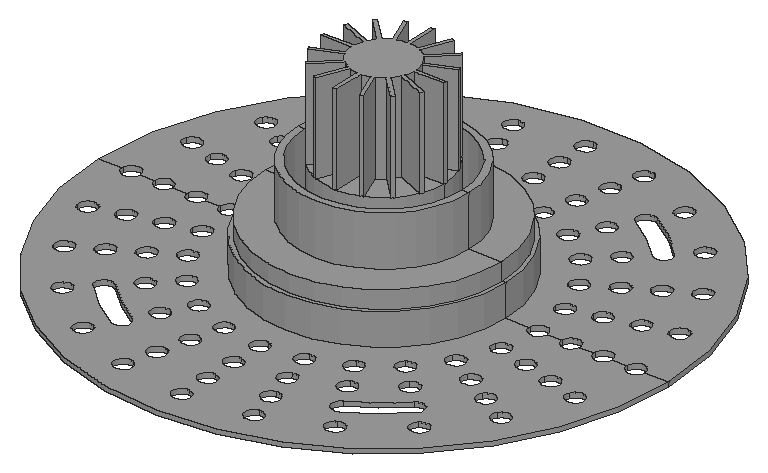
Revit family "Alcon-14074-RA-Revit-Family", category Lighting Fixtures, host Ceiling, Revit 2021
Family settings
  Host = Ceiling
  Round Connector Dimension = Use Diameter
  Part Type = Normal
  Always vertical = Yes
  Cut with Voids When Loaded = No
  Light Source = Yes
  Shared = No
  Room Calculation Point = No
Parameters
  Wattage = 9.2903 W
  built-in parameter 1150110 = 1 (stored number, unit not read)
  built-in parameter 1114217 = 1 (stored number, unit not read)
  Tilt Angle = 60.00°
  built-in parameter 1150109 = 1 (stored number, unit not read)
  built-in parameter 1150134 = 3
  built-in parameter 1150113 = 1 (stored number, unit not read)
  built-in parameter 1010507 = 1.5708 (stored number, unit not read)
  built-in parameter 1010506 = 0.5236 (stored number, unit not read)
  Product Identity = "Alcon Light 14074-RF"
  Mud Ring = Default
  Manufacturer = "Alcon Light"
  built-in parameter 1150105 = 4614.1 (stored number, unit not read)
  Lumens = 1380 lm
  built-in parameter 1150115 = 1 (stored number, unit not read)
  Link To Product Page = "https://www.alconlighting.com/14074-rf.html"
  Light Source Symbol Length = 10' - 0"
  Light Source = Light Source
  built-in parameter 1150137 = (empty or 0)
  built-in parameter 1150139 = (empty or 0)
  Lens = Glass
  built-in parameter 1150112 = 1 (stored number, unit not read)
  built-in parameter 1150114 = 1 (stored number, unit not read)
  built-in parameter 1150132 = (empty or 0)
  built-in parameter 1150102 = (empty or 0)
  built-in parameter 1150107 = 3200 (stored number, unit not read)
  built-in parameter 1150138 = (empty or 0)
  built-in parameter 1150106 = 46.141 (stored number, unit not read)
  Housing = Default
  built-in parameter 1150104 = 13.8 (stored number, unit not read)
  Dimming Lamp Color Temperature Shift = (empty or 0)
  Default Elevation = 0' - 0"
  Color Filter = 16777215
  built-in parameter 1114218 = 1 (stored number, unit not read)
  built-in parameter 1150133 = 10 (stored number, unit not read)
Reference planes (in)
  plane 1 "Center (Front/Back)": y = 0
  plane 2 "Ceiling": z = 96
  plane 3 "Center (Left/Right)": x = 0
Forms (in)
  Revolve 1, solid, material "Default" <- "Housing"
    sketch origin (0, 0, 96) x (1, 0, 0) y (0, 0, 1)
      loop
        line (1.625, 0) -> (1.625, 0.80078) -> (1.17981, 0.80078) -> (1.17981, 1.5) -> (1.08606, 1.5) -> (1.08606, 0.70703) -> (1.53125, 0.70703) -> (1.53125, 0) -> (1.625, 0)
      axis (0, 0) -> (0, 1.5)
    angle from 0 to 360
  Extrusion 2, void
    sketch origin (0, 0, 96) x (1, 0, 0) y (0, 1, 0)
      loop
        circle (0, 0) r 1.625
    from -0.09612 to 0.67578
  Extrusion 3, void
    sketch origin (0, 0, 96) x (1, 0, 0) y (0, 1, 0)
      loop
        circle (0, -2.1375) r 0.125
      loop
        circle (0, -2.5875) r 0.125
      loop
        circle (0, -3.0375) r 0.125
      loop
        circle (0, -3.4875) r 0.125
      loop
        circle (-0.55323, 2.06467) r 0.125
      loop
        circle (-0.66969, 2.49933) r 0.125
      loop
        circle (-0.78616, 2.934) r 0.125
      loop
        circle (-0.90263, 3.36867) r 0.125
      loop
        circle (0, 2.1375) r 0.125
      loop
        circle (0, 2.5875) r 0.125
      loop
        circle (0, 3.0375) r 0.125
      loop
        circle (0, 3.4875) r 0.125
      loop
        circle (0.55323, 2.06467) r 0.125
      loop
        circle (0.66969, 2.49933) r 0.125
      loop
        circle (0.78616, 2.934) r 0.125
      loop
        circle (0.90263, 3.36867) r 0.125
      loop
        circle (-0.55323, -2.06467) r 0.125
      loop
        circle (-0.66969, -2.49933) r 0.125
      loop
        circle (-0.78616, -2.934) r 0.125
      loop
        circle (-0.90263, -3.36867) r 0.125
      loop
        circle (0.55323, -2.06467) r 0.125
      loop
        circle (0.66969, -2.49933) r 0.125
      loop
        circle (0.78616, -2.934) r 0.125
      loop
        circle (0.90263, -3.36867) r 0.125
      loop
        circle (2.1375, 0) r 0.125
      loop
        circle (2.5875, 0) r 0.125
      loop
        circle (3.0375, 0) r 0.125
      loop
        circle (3.4875, 0) r 0.125
      loop
        circle (-2.06467, -0.55323) r 0.125
      loop
        circle (-2.49933, -0.66969) r 0.125
      loop
        circle (-2.934, -0.78616) r 0.125
      loop
        circle (-3.36867, -0.90263) r 0.125
      loop
        circle (-2.1375, 0) r 0.125
      loop
        circle (-2.5875, 0) r 0.125
      loop
        circle (-3.0375, 0) r 0.125
      loop
        circle (-3.4875, 0) r 0.125
      loop
        circle (-2.06467, 0.55323) r 0.125
      loop
        circle (-2.49933, 0.66969) r 0.125
      loop
        circle (-2.934, 0.78616) r 0.125
      loop
        circle (-3.36867, 0.90263) r 0.125
      loop
        circle (2.06467, -0.55323) r 0.125
      loop
        circle (2.49933, -0.66969) r 0.125
      loop
        circle (2.934, -0.78616) r 0.125
      loop
        circle (3.36867, -0.90263) r 0.125
      loop
        circle (2.06467, 0.55323) r 0.125
      loop
        circle (2.49933, 0.66969) r 0.125
      loop
        circle (2.934, 0.78616) r 0.125
      loop
        circle (3.36867, 0.90263) r 0.125
      loop
        circle (1.51144, -1.51144) r 0.125
      loop
        circle (1.82964, -1.82964) r 0.125
      loop
        circle (2.46603, -2.46603) r 0.125
      loop
        circle (-1.85113, 1.06875) r 0.125
      loop
        circle (-2.24084, 1.29375) r 0.125
      loop
        circle (-2.63055, 1.51875) r 0.125
      loop
        circle (-3.02026, 1.74375) r 0.125
      loop
        circle (-1.51144, 1.51144) r 0.125
      loop
        circle (-1.82964, 1.82964) r 0.125
      loop
        arc (-2.23623, 2.23623) -> (-2.23623, 2.05945) -> (-2.05945, 2.05945) r 0.125
        arc (-2.05945, 2.05945) -> (-1.77302, 2.31064) -> (-1.45625, 2.5223) r 2.9125
        arc (-1.45625, 2.5223) -> (-1.4105, 2.69305) -> (-1.58125, 2.73881) r 0.125
        arc (-1.58125, 2.73881) -> (-1.92521, 2.50898) -> (-2.23623, 2.23623) r 3.1625
      loop
        circle (-2.46603, 2.46603) r 0.125
      loop
        circle (-1.06875, 1.85113) r 0.125
      loop
        circle (-1.29375, 2.24084) r 0.125
      loop
        circle (-1.74375, 3.02026) r 0.125
      loop
        circle (1.06875, -1.85113) r 0.125
      loop
        circle (1.29375, -2.24084) r 0.125
      loop
        circle (1.74375, -3.02026) r 0.125
      loop
        circle (1.85113, -1.06875) r 0.125
      loop
        circle (2.24084, -1.29375) r 0.125
      loop
        circle (2.63055, -1.51875) r 0.125
      loop
        circle (3.02026, -1.74375) r 0.125
      loop
        circle (1.51144, 1.51144) r 0.125
      loop
        circle (1.82964, 1.82964) r 0.125
      loop
        arc (2.23623, 2.23623) -> (1.92521, 2.50898) -> (1.58125, 2.73881) r 3.1625
        arc (1.58125, 2.73881) -> (1.4105, 2.69305) -> (1.45625, 2.5223) r 0.125
        arc (1.45625, 2.5223) -> (1.77302, 2.31064) -> (2.05945, 2.05945) r 2.9125
        arc (2.05945, 2.05945) -> (2.23623, 2.05945) -> (2.23623, 2.23623) r 0.125
      loop
        circle (2.46603, 2.46603) r 0.125
      loop
        circle (-1.06875, -1.85113) r 0.125
      loop
        circle (-1.29375, -2.24084) r 0.125
      loop
        circle (-1.74375, -3.02026) r 0.125
      loop
        circle (-1.51144, -1.51144) r 0.125
      loop
        circle (-1.82964, -1.82964) r 0.125
      loop
        circle (-2.46603, -2.46603) r 0.125
      loop
        circle (-1.85113, -1.06875) r 0.125
      loop
        circle (-2.24084, -1.29375) r 0.125
      loop
        circle (-2.63055, -1.51875) r 0.125
      loop
        circle (-3.02026, -1.74375) r 0.125
      loop
        circle (1.85113, 1.06875) r 0.125
      loop
        circle (2.24084, 1.29375) r 0.125
      loop
        circle (2.63055, 1.51875) r 0.125
      loop
        circle (3.02026, 1.74375) r 0.125
      loop
        circle (1.06875, 1.85113) r 0.125
      loop
        circle (1.29375, 2.24084) r 0.125
      loop
        circle (1.74375, 3.02026) r 0.125
      loop
        arc (-2.23623, -2.23623) -> (-1.92521, -2.50898) -> (-1.58125, -2.73881) r 3.1625
        arc (-1.58125, -2.73881) -> (-1.4105, -2.69305) -> (-1.45625, -2.5223) r 0.125
        arc (-1.45625, -2.5223) -> (-1.77302, -2.31064) -> (-2.05945, -2.05945) r 2.9125
        arc (-2.05945, -2.05945) -> (-2.23623, -2.05945) -> (-2.23623, -2.23623) r 0.125
      loop
        arc (2.23623, -2.23623) -> (2.23623, -2.05945) -> (2.05945, -2.05945) r 0.125
        arc (2.05945, -2.05945) -> (1.77302, -2.31064) -> (1.45625, -2.5223) r 2.9125
        arc (1.45625, -2.5223) -> (1.4105, -2.69305) -> (1.58125, -2.73881) r 0.125
        arc (1.58125, -2.73881) -> (1.92521, -2.50898) -> (2.23623, -2.23623) r 3.1625
    from 0.0625 to 0.125
  Revolve 4, solid, material "Default" <- "Mud Ring"
    sketch origin (0, 0, 0) x (1, 0, 0) y (0, 0, 1)
      loop
        line (1.625, 96) -> (1.6875, 96) -> (1.6875, 96.0625) -> (3.9375, 96.0625) -> (3.9375, 96.125) -> (1.6875, 96.125) -> (1.6875, 96.5625) -> (1.625, 96.5625) -> (1.625, 96)
      axis (0, 96.5625) -> (0, 96)
    angle from 0 to 360
  Extrusion 5, solid, material "Default" <- "Housing"
    sketch origin (0, 0, 36.63839) x (1, 0, 0) y (0, 1, 0)
      loop
        arc (-0.30261, 0.79108) -> (-0.32412, 0.78251) -> (-0.3454, 0.77335) r 0.84698
        line (-0.3454, 0.77335) -> (-0.18658, 0.38993)
        arc (-0.18658, 0.38993) -> (-0.24016, 0.35942) -> (-0.28885, 0.3216) r 0.43227
        line (-0.28885, 0.3216) -> (-0.5823, 0.61506)
        arc (-0.5823, 0.61506) -> (-0.5989, 0.5989) -> (-0.61506, 0.5823) r 0.84698
        line (-0.61506, 0.5823) -> (-0.3216, 0.28885)
        arc (-0.3216, 0.28885) -> (-0.35942, 0.24016) -> (-0.38993, 0.18658) r 0.43227
        line (-0.38993, 0.18658) -> (-0.77335, 0.3454)
        arc (-0.77335, 0.3454) -> (-0.78251, 0.32412) -> (-0.79108, 0.30261) r 0.84698
        line (-0.79108, 0.30261) -> (-0.40765, 0.14379)
        arc (-0.40765, 0.14379) -> (-0.42396, 0.08433) -> (-0.43165, 0.02316) r 0.43227
        line (-0.43165, 0.02316) -> (-0.84666, 0.02316)
        arc (-0.84666, 0.02316) -> (-0.84698, 0) -> (-0.84666, -0.02316) r 0.84698
        line (-0.84666, -0.02316) -> (-0.43165, -0.02316)
        arc (-0.43165, -0.02316) -> (-0.42396, -0.08433) -> (-0.40765, -0.14379) r 0.43227
        line (-0.40765, -0.14379) -> (-0.79108, -0.30261)
        arc (-0.79108, -0.30261) -> (-0.78251, -0.32412) -> (-0.77335, -0.3454) r 0.84698
        line (-0.77335, -0.3454) -> (-0.38993, -0.18658)
        arc (-0.38993, -0.18658) -> (-0.35942, -0.24016) -> (-0.3216, -0.28885) r 0.43227
        line (-0.3216, -0.28885) -> (-0.61506, -0.5823)
        arc (-0.61506, -0.5823) -> (-0.5989, -0.5989) -> (-0.5823, -0.61506) r 0.84698
        line (-0.5823, -0.61506) -> (-0.28885, -0.3216)
        arc (-0.28885, -0.3216) -> (-0.24016, -0.35942) -> (-0.18658, -0.38993) r 0.43227
        line (-0.18658, -0.38993) -> (-0.3454, -0.77335)
        arc (-0.3454, -0.77335) -> (-0.32412, -0.78251) -> (-0.30261, -0.79108) r 0.84698
        line (-0.30261, -0.79108) -> (-0.14379, -0.40765)
        arc (-0.14379, -0.40765) -> (-0.08433, -0.42396) -> (-0.02316, -0.43165) r 0.43227
        line (-0.02316, -0.43165) -> (-0.02316, -0.84666)
        arc (-0.02316, -0.84666) -> (0, -0.84698) -> (0.02316, -0.84666) r 0.84698
        line (0.02316, -0.84666) -> (0.02316, -0.43165)
        arc (0.02316, -0.43165) -> (0.08433, -0.42396) -> (0.14379, -0.40765) r 0.43227
        line (0.14379, -0.40765) -> (0.30261, -0.79108)
        arc (0.30261, -0.79108) -> (0.32412, -0.78251) -> (0.3454, -0.77335) r 0.84698
        line (0.3454, -0.77335) -> (0.18658, -0.38993)
        arc (0.18658, -0.38993) -> (0.24016, -0.35942) -> (0.28885, -0.3216) r 0.43227
        line (0.28885, -0.3216) -> (0.5823, -0.61506)
        arc (0.5823, -0.61506) -> (0.5989, -0.5989) -> (0.61506, -0.5823) r 0.84698
        line (0.61506, -0.5823) -> (0.3216, -0.28885)
        arc (0.3216, -0.28885) -> (0.35942, -0.24016) -> (0.38993, -0.18658) r 0.43227
        line (0.38993, -0.18658) -> (0.77335, -0.3454)
        arc (0.77335, -0.3454) -> (0.78251, -0.32412) -> (0.79108, -0.30261) r 0.84698
        line (0.79108, -0.30261) -> (0.40765, -0.14379)
        arc (0.40765, -0.14379) -> (0.42396, -0.08433) -> (0.43165, -0.02316) r 0.43227
        line (0.43165, -0.02316) -> (0.84666, -0.02316)
        arc (0.84666, -0.02316) -> (0.84698, 0) -> (0.84666, 0.02316) r 0.84698
        line (0.84666, 0.02316) -> (0.43165, 0.02316)
        arc (0.43165, 0.02316) -> (0.42396, 0.08433) -> (0.40765, 0.14379) r 0.43227
        line (0.40765, 0.14379) -> (0.79108, 0.30261)
        arc (0.79108, 0.30261) -> (0.78251, 0.32412) -> (0.77335, 0.3454) r 0.84698
        line (0.77335, 0.3454) -> (0.38993, 0.18658)
        arc (0.38993, 0.18658) -> (0.35942, 0.24016) -> (0.3216, 0.28885) r 0.43227
        line (0.3216, 0.28885) -> (0.61506, 0.5823)
        arc (0.61506, 0.5823) -> (0.5989, 0.5989) -> (0.5823, 0.61506) r 0.84698
        line (0.5823, 0.61506) -> (0.28885, 0.3216)
        arc (0.28885, 0.3216) -> (0.24016, 0.35942) -> (0.18658, 0.38993) r 0.43227
        line (0.18658, 0.38993) -> (0.3454, 0.77335)
        arc (0.3454, 0.77335) -> (0.32412, 0.78251) -> (0.30261, 0.79108) r 0.84698
        line (0.30261, 0.79108) -> (0.14379, 0.40765)
        arc (0.14379, 0.40765) -> (0.08433, 0.42396) -> (0.02316, 0.43165) r 0.43227
        line (0.02316, 0.43165) -> (0.02316, 0.84666)
        arc (0.02316, 0.84666) -> (0, 0.84698) -> (-0.02316, 0.84666) r 0.84698
        line (-0.02316, 0.84666) -> (-0.02316, 0.43165)
        arc (-0.02316, 0.43165) -> (-0.08433, 0.42396) -> (-0.14379, 0.40765) r 0.43227
        line (-0.14379, 0.40765) -> (-0.30261, 0.79108)
    from 60.86161 to 62.11161
  Revolve 6, solid, material "Default" <- "Housing"
    sketch origin (0.00219, 0, 0) x (1, 0, 0) y (0, 0, 1)
      loop
        line (0.84478, 97.5) -> (-0.00219, 97.5) -> (-0.00219, 97.3992) -> (0.40446, 97.3992)
        arc (0.40446, 97.3992) -> (0.5008, 97.10804) -> (0.4984, 96.80137) r 0.94091
        arc (0.4984, 96.80137) -> (0.71514, 96.69215) -> (0.80897, 96.46832) r 0.3505
        line (0.80897, 96.46832) -> (0.84478, 96.46832) -> (0.84478, 97.5)
      axis (-0.00219, 97.5) -> (-0.00219, 96.46832)
    angle from 0 to 360
Cuts and joins
  Extrusion 3 cuts Revolve 4
Dimensions and locks (in)
  equal spacing: host sketch curve, plane 3 "Center (Left/Right)", host sketch curve
  equal spacing: host sketch curve, plane 1 "Center (Front/Back)", host sketch curve
  host sketch curve to host sketch curve = 10' - 0"  (x2)
  Revolve 1 to Revolve 1 = 0' - 3 1/4"
